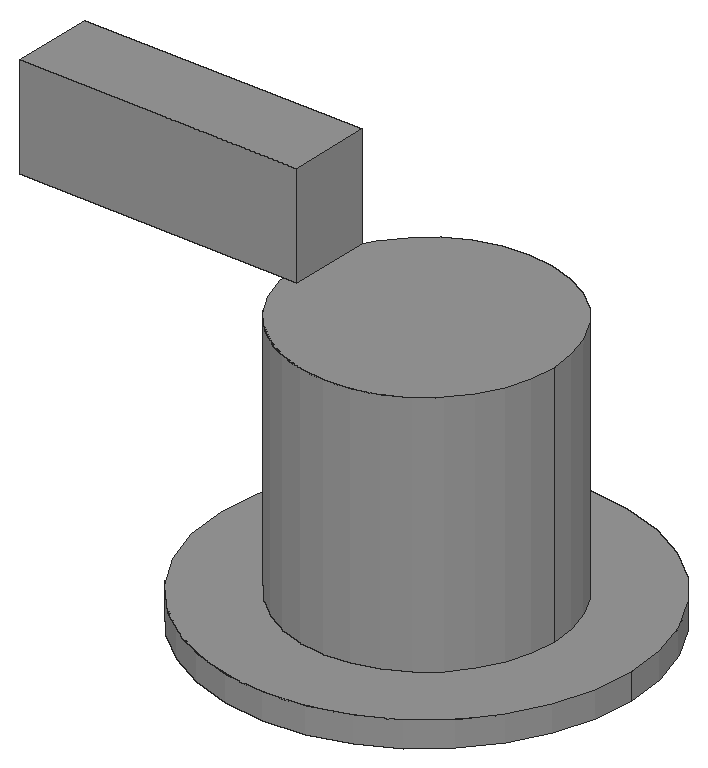
Revit family "ALKAR-LED_IP65_5W_RECOUVRABLE_BLANC_4000K", category Lighting Fixtures, host Ceiling, Revit 2021
Family settings
  Host = Ceiling
  Round Connector Dimension = Use Diameter
  Part Type = Normal
  OmniClass Number = 23.80.70.11
  OmniClass Title = Luminaries for Internal Lighting
  Always vertical = Yes
  Cut with Voids When Loaded = No
  Light Source = Yes
  Shared = No
  Room Calculation Point = No
Parameters (values of type "Type 1")
  Wattage = 3.16409 W
  built-in parameter 1150110 = 1 (stored number, unit not read)
  URL = "https://www.lucera.fr/"
  Type de lampe = "LED Lumileds SMD"
  built-in parameter 1114217 = 1 (stored number, unit not read)
  Tilt Angle = 90.00°
  built-in parameter 1150109 = 1 (stored number, unit not read)
  built-in parameter 1150134 = 12
  built-in parameter 1150113 = 1 (stored number, unit not read)
  SDCM = "<4"
  Puissance nominale = "5W"
  Photometric Web File = "google_eulumdat_converter.ies"
  Manufacturer = "Lucera - Lucera (c) 06/01/2021 16:40:17 +01:00"  # constant formula
  Lumens = 470 lm
  built-in parameter 1150115 = 1 (stored number, unit not read)
  built-in parameter 1150105 = 439.61 (stored number, unit not read)
  built-in parameter 1150137 = (empty or 0)
  built-in parameter 1150139 = (empty or 0)
  built-in parameter 1150112 = 1 (stored number, unit not read)
  built-in parameter 1150114 = 1 (stored number, unit not read)
  built-in parameter 1150132 = 2
  built-in parameter 1150102 = (empty or 0)
  built-in parameter 1150138 = (empty or 0)
  built-in parameter 1150107 = 4000 (stored number, unit not read)
  built-in parameter 1150106 = 4.3961 (stored number, unit not read)
  IRC = ">80"
  Fintion = "Blanc brillant"
  built-in parameter 1150104 = 13.8 (stored number, unit not read)
  Durée de vie = "50 000 heures"
  Driver = "Driver intégré No flicker dimmable"
  Dimming Lamp Color Temperature Shift = <None>
  Dimensions d’encastrement = "ø60 mm"
  Dimensions = "ø80 mm; H : 53 mm"
  Default Elevation = 0 mm
  Color Filter = 16777215
  built-in parameter 1114218 = 1 (stored number, unit not read)
  built-in parameter 1150133 = 10 (stored number, unit not read)
  Angle d'éclairage = "60°"
  Alimentation luminaire = "...mA / ...-...V"
  Alimentation Driver = "AC 220-240V"
Reference planes
  plane 1 "Light Source Axis (F/B)": y = 0
  plane 2: z = 0
  plane 3 "Light Source Axis (L/R)": x = 0
  plane 4 "Ceiling": z = 4000
  plane 5 "Light Source Elevation": z = 3990.432
Forms (mm)
  Extrusion 1, solid, material "Aluminum, blanc"
    sketch origin (0, 0, 4000) x (0, 1, 0) y (-1, 0, 0)
      loop
        circle (0, 0) r 40
      loop
        circle (0, 0) r 20
    from -5 to 0
  Extrusion 2, solid, material "Glass, White, High Luminance"
    sketch origin (0, 0, 4000) x (0, 1, 0) y (-1, 0, 0)
      loop
        circle (0, 0) r 20
    from -5 to 0
  Extrusion 3, solid, material "Aluminum, blanc"
    sketch origin (0, 0, 4000) x (0, 1, 0) y (-1, 0, 0)
      loop
        circle (0, 0) r 25
    from 0 to 48
  Extrusion 4, solid, material "Plastic, Opaque Black"
    sketch origin (0, 0, 0) x (1, 0, 0) y (0, 0, 1)
      loop
        line (-18.756, 4071) -> (-72.904, 4071) -> (-72.904, 4051) -> (-18.756, 4051) -> (-18.756, 4071)
    from -7.645 to 8.144
Lines and regions (mm)
  reference lines
    curve 1: line (0, 0, 4000) -> (40, 0, 4000)
    curve 2: line (0, 0, 3995) -> (0, 0, 4048)
    curve 3: line (0, 0, 3995) -> (0, 0, 4071)
Dimensions and locks
  equal spacing: host sketch curve, plane 3 "Light Source Axis (L/R)", host sketch curve
  equal spacing: host sketch curve, plane 1 "Light Source Axis (F/B)", host sketch curve
  host sketch curve to host sketch curve = 4000 mm  (x2)
  plane 4 "Ceiling" to host ceiling = 0 mm
  aligned and locked: plane 1 "Light Source Axis (F/B)" to imposter light
  aligned and locked: plane 5 "Light Source Elevation" to imposter light
